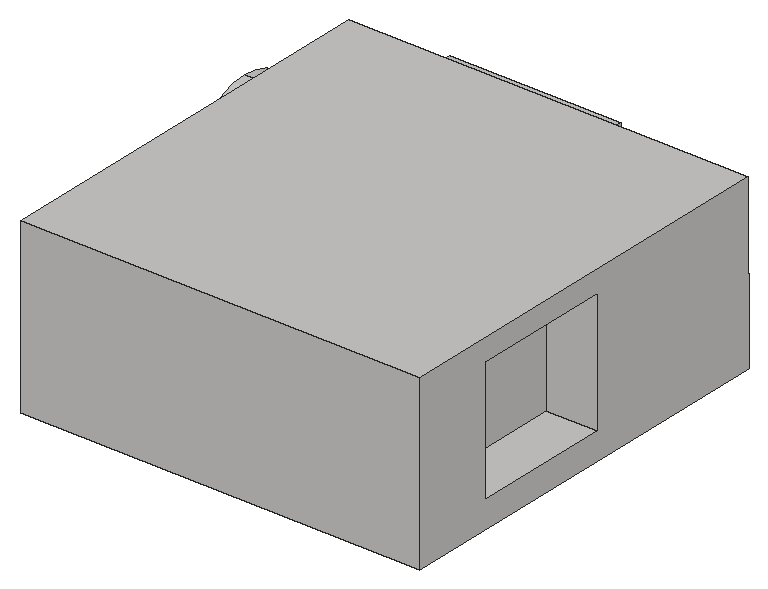
Revit family
Parameters
  Width = 4' - 0 1/8"
  Voltage = 208 V
  Unit Weight = "230.0 lbs"
  UltraLoc Liner = Choose Liner Option = 3  # no
  URL = "http://www.titus-hvac.com/"
  UL = "181"
  Supply Air Flow [instance] = 0 CFM
  SteriLoc Liner = Choose Liner Option = 2  # no
  Primary Air Pressure Drop [instance] = 0.00 in-wg
  Primary Air Flow [instance] = 0 CFM
  Plenum Air Pressure Drop [instance] = 0.00 in-wg
  Plenum Air Flow [instance] = 0 CFM
  Outlet Width = 1' - 4 1/2"
  Outlet Vertical Offset = 0' - 1 1/8"
  Outlet Horizontal Offset = 0' - 1 3/8"
  Outlet Height = 1' - 2 1/2"
  Number of Poles = 2
  Nominal Width = Width + 0' 6 1/4"  # 4' - 6 3/8"
  Nominal Length = Length + 0' 3 3/8"  # 4' - 2 1/4"
  Nominal Inlet Size = 1' - 4"
  Nominal Height = 1' - 8 1/8"
  NFPA = "90A"
  Motor Full Load Amps = 9 A
  Model = "DTQS"
  Min. Air Flow = 0 CFM
  Max. Air Flow = 0 CFM
  Material = Galvanized Steel
  Manufacturer = "Titus"
  Length = 3' - 10 7/8"
  Juction Box Offset = 0' - 6 7/8"
  Inlet Diameter = Nominal Inlet Size - 0' 0 1/8"  # 1' - 3 7/8"
  Induced offset = 0' - 1 1/4"
  Induced Air Inlet Offset = 0' - 4 1/2"
  Induced Air Inlet Width = 1' - 9"
  Induced Air Inlet Height = 1' - 5 1/2"
  Induced Air Filter = no
  Heating Total Capacity [instance] = 0 Btu/h
  Half Outlet Connection Width = Outlet Width / 2  # 0' - 8 1/4"
  Half Outlet Connection Height = Outlet Height / 2  # 0' - 7 1/4"
  Half Height Start = -(Nominal Height / 2)  # -0' - 10 1/16"
  Half Height End = Nominal Height / 2  # 0' - 10 1/16"
  HP-Motor = "1"
  Frequency = 60 Hz
  Filter Size = "27\"x20\""
  Fiber Free Liner = Choose Liner Option = 1  # no
  Fan Disconnect Switch = no
  Duct Radius = Nominal Inlet Size / 2  # 0' - 8"
  Description = "Series Fan Powered Terminal Unit, Direct Digital Control, Pressure Independent"
  Connection Void Radius = Connection Radius - 0' 0 1/4"  # 0' - 7 11/16"
  Connection Radius = Inlet Diameter / 2  # 0' - 7 15/16"
  Choose Liner Option = 0
  CADworks URL = "www.CADworks.net"
  Assembly Code = "D3040100"
  Apparent Power = Voltage * Motor Full Load Amps  # 1872 VA
  Air Inlet Offset = 0' - 11"
  1/2" Fiberglass Liner = Choose Liner Option = 0  # yes
Reference planes (in)
  plane 1 "Center (Front/Back)": y = 0
  plane 2: z = 0
  plane 3 "Center (Left/Right)": x = 3
  plane 4: x = -20.4375
  plane 5: x = 26.4375
  plane 6: x = -13.5625
  plane 7: x = -23.8125
  plane 8 "Center (Elevation)": z = 0
  plane 9: y = -24.0625
  plane 10: y = 24.0625
  plane 11: y = 13.0625
  plane 12: y = -19.5625
  plane 13: x = 20.4375
  plane 14: y = 30.3125
  plane 15: z = 10.0625
  plane 16: z = -10.0625
Forms (in)
  Extrusion 1, solid, material "Galvanized Steel" <- "Material"
    sketch origin (0, 0, 52) x (1, 0, 0) y (0, 1, 0)
      loop
        line (-20.4375, 24.0625) -> (-20.4375, -24.0625) -> (26.4375, -24.0625) -> (26.4375, 24.0625) -> (-20.4375, 24.0625)
    from -62.0625 <- "Half Height Start" to -41.9375 <- "Half Height End"
  Extrusion 2, solid, material "Galvanized Steel" <- "Material"
    sketch origin (5.0625, 0, -6) x (1, 0, 0) y (0, 1, 0)
      loop
        line (-18.625, 24.0625) -> (1.375, 24.0625) -> (1.375, 30.3125) -> (-18.625, 30.3125) -> (-18.625, 24.0625)
    from 0 to 12
  Extrusion 3, void
    sketch origin (26.4375, 24.0625, 53.125) x (0, 1, 0) y (0, 0, -1)
      loop
        line (-22.125, 45.5625) -> (-22.125, 60.0625) -> (-38.625, 60.0625) -> (-38.625, 45.5625) -> (-22.125, 45.5625)
    from 0 to 6
  Extrusion 4, solid, material "Galvanized Steel" <- "Material"
    sketch origin (-24.875, 0.5625, 0) x (0, 0, -1) y (0, 1, 0)
      loop
        circle (0, 12.5) r 7.9375
    from 1.0625 to 4.4375
  Extrusion 5, void
    sketch origin (-24.875, 0, 0) x (0, 1, 0) y (0, 0, 1)
      loop
        circle (13.0625, 0) r 7.6875
    from 1.0625 to 11.3125
  Extrusion 6, void
    sketch origin (-20.4375, -24.0625, 52) x (0, -1, 0) y (0, 0, -1)
      loop
        line (-25.5, 43.3125) -> (-4.5, 43.3125) -> (-4.5, 60.8125) -> (-25.5, 60.8125) -> (-25.5, 43.3125)
    from 0 to 6.875
Cuts and joins
  Extrusion 3, Extrusion 5, Extrusion 6 cuts Extrusion 1
  Extrusion 5 cuts Extrusion 4
Dimensions and locks (in)
  "Length": plane 5 to plane 4
  equal spacing: plane 5, plane 3 "Center (Left/Right)", plane 4
  locked: Extrusion 2 to plane 6 at 0
  locked: Extrusion 2 to Extrusion 2 at 20
  "Juction Box Offset": plane 6 to plane 4
  "Outlet Height": Extrusion 3 sketch curve to Extrusion 3 sketch curve
  "Outlet Width": Extrusion 3 sketch curve to Extrusion 3 sketch curve
  locked: plane 4 to plane 7 at 3.375
  "Width": plane 9 to plane 10
  equal spacing: plane 9, plane 1 "Center (Front/Back)", plane 10
  locked: Extrusion 4 sketch curve to level at 0
  locked: Extrusion 4 sketch curve to plane 11 at 0
  locked: Extrusion 5 sketch curve to level at 0
  locked: Extrusion 5 sketch curve to plane 11 at 0
  locked: Extrusion 2 to Extrusion 2 at 6.25
  "Air Inlet Offset": plane 10 to plane 11
  locked: Extrusion 2 to plane 10 at 0
  locked: cut or joined group of Extrusion 4, Extrusion 5 to plane 7 at 0
  locked: cut or joined group of Extrusion 4, Extrusion 5 to cut or joined group of Extrusion 4, Extrusion 5 at 3.375
  "Induced Air Inlet Offset": plane 9 to plane 12
  "Induced Air Inlet Width": Extrusion 6 sketch curve to Extrusion 6 sketch curve
  "Induced Air Inlet Height": Extrusion 6 sketch curve to Extrusion 6 sketch curve
  "Induced Air Inlet Offset": Extrusion 6 sketch curve to plane 9
  locked: plane 9 to Extrusion 3 sketch curve at 9.5
  cut or joined group of Extrusion 1, Extrusion 3, Extrusion 5, Extrusion 6 to Extrusion 3 sketch curve = 0' - 3 1/8"
  locked: Extrusion 2 to Extrusion 2 at 12
  equal spacing: Extrusion 2, level, Extrusion 2
  locked: cut or joined group of Extrusion 1, Extrusion 3, Extrusion 5, Extrusion 6 to cut or joined group of Extrusion 1, Extrusion 3, Extrusion 5, Extrusion 6 at 20.125
  equal spacing: cut or joined group of Extrusion 1, Extrusion 3, Extrusion 5, Extrusion 6, level, cut or joined group of Extrusion 1, Extrusion 3, Extrusion 5, Extrusion 6
  "Induced offset": Extrusion 6 sketch curve to cut or joined group of Extrusion 1, Extrusion 3, Extrusion 5, Extrusion 6
  "Connection Radius": radius of Extrusion 4 sketch curve
  "Connection Void Radius": radius of Extrusion 5 sketch curve
  aligned and locked: plane 6 to Extrusion 6
  aligned and locked: Extrusion 3 to plane 13
  aligned and locked: plane 5 to cut or joined group of Extrusion 1, Extrusion 3, Extrusion 5, Extrusion 6
  aligned and locked: cut or joined group of Extrusion 1, Extrusion 3, Extrusion 5, Extrusion 6 to plane 4
  aligned and locked: cut or joined group of Extrusion 1, Extrusion 3, Extrusion 5, Extrusion 6 to plane 10
  aligned and locked: plane 9 to cut or joined group of Extrusion 1, Extrusion 3, Extrusion 5, Extrusion 6
  aligned and locked: Extrusion 1 to Extrusion 6
  aligned and locked: Extrusion 5 to plane 7
  aligned and locked: plane 6 to Extrusion 5
Automatic sketch dimensions
  Extrusion 1 sketch curve to plane 4 = 0' - 0"
  plane 5 to Extrusion 1 sketch curve = 0' - 0"
  Extrusion 1 sketch curve to plane 9 = 0' - 0"
  Extrusion 1 sketch curve to plane 10 = 0' - 0"
  Extrusion 2 sketch curve to plane 6 = 0' - 0"
  Extrusion 2 sketch curve to plane 10 = 0' - 0"
  plane 3 "Center (Left/Right)" to Extrusion 2 sketch curve = 0' - 3 7/16"
  Extrusion 2 sketch curve to plane 10 = 0' - 6 1/4"
Connectors (in)
  electrical at (-3.5625, 30.3125, 0), driven by "Apparent Power", driven by "Voltage", driven by "Number of Poles"
    settings: on Extrusion 2, index 8
  hvac at (-23.8125, 13.0625, 0), driven by "Primary Air Flow", driven by "Duct Radius", driven by "Primary Air Pressure Drop"
    settings: on cut or joined group of Extrusion 4, Extrusion 5, index 9
  hvac at (-20.4375, -9.0625, -0.0625), driven by "Induced Air Inlet Height", driven by "Induced Air Inlet Width", driven by "Plenum Air Pressure Drop", driven by "Plenum Air Flow"
    settings: on cut or joined group of Extrusion 1, Extrusion 3, Extrusion 5, Extrusion 6, index 12
  hvac at (26.4375, -6.3125, 0.3125), driven by "Supply Air Flow", driven by "Outlet Width", driven by "Outlet Height"
    settings: on cut or joined group of Extrusion 1, Extrusion 3, Extrusion 5, Extrusion 6, index 13
